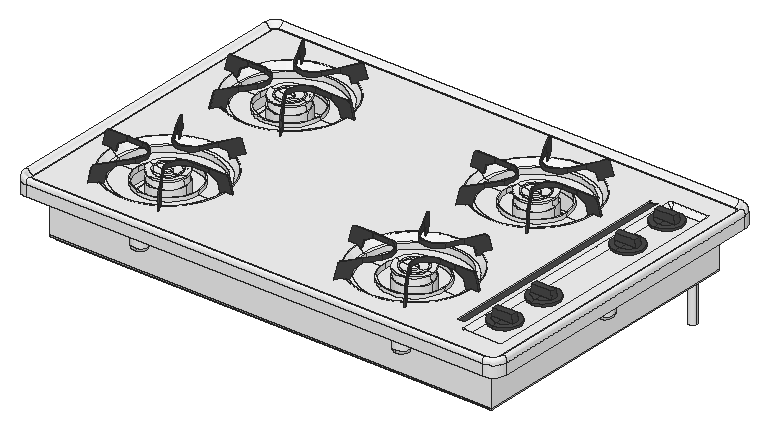
Revit family "QF_Summit_WNL053_Cooktop", category Specialty Equipment, Revit 2020
Family settings
  Round Connector Dimension = Use Diameter
  Part Type = Normal
  Work Plane-Based = No
  Always vertical = Yes
  Cut with Voids When Loaded = No
  Shared = No
  Room Calculation Point = No
Parameters
  Weight in Pounds = 32
  Watts = 0 W
  Volts = 115 V
  URL Cutsheet = ""
  Specification by User = ""
  Specification by Manufacturer = ""
  Serial Number = ""
  Seismic Rating = ""
  SMACNA No = ""
  Revision Code = ""
  Plumbing Remarks = ""
  Plumbing Connection Type = ""
  Phase = 1
  Number of Poles = 1
  NAFEM Spec ID Number = ""
  Model = "WNL053"
  Min Ckt Ampacity = 0 A
  Max Overcurrent Protection = 0 A
  Masterspec = ""
  Manufacturer = "Summit"
  Length = 29 3/4"
  Item Number = ""
  Installed By = ""
  Identify Quantity as Lot = yes
  Height = 3 3/4"
  HP = ""
  Gas Size = 0"
  Gas RI Height = 0"
  Gas KW = 0
  Gas Input = 9000.0 Btu/h
  Gas Connection Height = 0"
  Furnished By = ""
  Foodservice Equipment Identifier = yes
  FL Amps = 0 A
  Electrical Remarks = ""
  Elec Conn RI Height = 0"
  Elec Conn Connection Height = 0"
  Description = "Cooktop"
  Depth = 20"
  Default Elevation = 0"
  Cycle = 60 Hz
  Conn Plug = "3 Prong Cord"
  Conn Conduit = yes
  CSI MasterFormat = ""
  Apparent Power = 0 VA
Reference planes (in)
  plane 1 "BACK": y = 0
  plane 2: z = 0
  plane 3 "LEFT": x = 0
  plane 4 "RIGHT": x = 29.75
  plane 5 "FRONT": y = -20
  plane 6 "TOP": z = 3.75
  plane 7 "Center Y": x = 14.875
  plane 8 "Center X": y = -10
  plane 9: z = 2.75
  plane 10: z = 0.25
  plane 11: z = -2.75
Forms (in)
  Sweep 1, solid, material "QF_Plastic_White_Smooth"
    path origin (0, 0, 3.74988) x (-1, 0, 0) y (0, -1, 0)
      loop
        line (-0.0625, 0.8125) -> (-0.0625, 19.1875)
        arc (-0.0625, 19.1875) -> (-0.28217, 19.71783) -> (-0.8125, 19.9375) r 0.75
        line (-0.8125, 19.9375) -> (-28.9375, 19.9375)
        arc (-28.9375, 19.9375) -> (-29.46783, 19.71783) -> (-29.6875, 19.1875) r 0.75
        line (-29.6875, 19.1875) -> (-29.6875, 0.8125)
        arc (-29.6875, 0.8125) -> (-29.46783, 0.28217) -> (-28.9375, 0.0625) r 0.75
        line (-28.9375, 0.0625) -> (-0.8125, 0.0625)
        arc (-0.8125, 0.0625) -> (-0.28217, 0.28217) -> (-0.0625, 0.8125) r 0.75
    profile origin (0.0625, -10, 3.74988) x (1, 0, 0) y (0, 0, 1)
      loop
        line (0.50007, -0.99988) -> (0.50007, -0.24988)
        spline (0.50007, -0.24988) -> (0.38683, -0.22526) -> (0.30986, -0.16677) -> (0.25459, -0.09746) -> (0.20654, -0.0403) -> (0.15715, -0.00897) -> (0.1083, -0.00102) -> (0.06291, -0.01235) -> (0.02367, -0.03905) -> (-0.00886, -0.07917) -> (-0.03532, -0.13183) -> (-0.05489, -0.20201) -> (-0.06266, -0.31115)
        line (-0.06266, -0.31115) -> (-0.06266, -0.99988) -> (0.50007, -0.99988)
  Extrusion 2, solid, material "QF_Plastic_White_Smooth"
    sketch origin (23.1875, -0.5625, 3.49988) x (0, 1, 0) y (1, 0, 0)
      loop
        circle (-4.74127, -17.90956) r 3.49904
      loop
        line (-18.875, 5.75) -> (-18.875, -22.375)
        arc (-18.875, -22.375) -> (-18.80178, -22.55178) -> (-18.625, -22.625) r 0.25
        line (-18.625, -22.625) -> (-0.25, -22.625)
        arc (-0.25, -22.625) -> (-0.07322, -22.55178) -> (0, -22.375) r 0.25
        line (0, -22.375) -> (0, 5.75)
        arc (0, 5.75) -> (-0.07322, 5.92678) -> (-0.25, 6) r 0.25
        line (-0.25, 6) -> (-18.625, 6)
        arc (-18.625, 6) -> (-18.80178, 5.92678) -> (-18.875, 5.75) r 0.25
      loop
        circle (-4.74127, -2.71662) r 3.49904
      loop
        circle (-14.13373, -17.90956) r 3.49904
      loop
        circle (-14.13373, -2.71662) r 3.49904
    from 0.74988 to -0.00012
  Blend 3, void
    base sketch origin (23.18874, -0.56796, 3.54988) x (0, 1, 0) y (-1, 0, 0)
      loop
        arc (-1.25, -3) -> (-1.32322, -2.82322) -> (-1.5, -2.75) r 0.25
        line (-1.5, -2.75) -> (-17.375, -2.75)
        arc (-17.375, -2.75) -> (-17.55178, -2.82322) -> (-17.625, -3) r 0.25
        line (-17.625, -3) -> (-17.625, -5.25)
        arc (-17.625, -5.25) -> (-17.55178, -5.42678) -> (-17.375, -5.5) r 0.25
        line (-17.375, -5.5) -> (-1.5, -5.5)
        arc (-1.5, -5.5) -> (-1.32322, -5.42678) -> (-1.25, -5.25) r 0.25
        line (-1.25, -5.25) -> (-1.25, -3)
    top sketch origin (23.18874, -0.56796, 3.54988) x (0, 1, 0) y (-1, 0, 0)
      loop
        line (-1.71875, -3.21875) -> (-17.15625, -3.21875) -> (-17.15625, -5.03125) -> (-1.71875, -5.03125) -> (-1.71875, -3.21875)
    from 0.0625 to -0.31152
  Extrusion 4, void
    sketch origin (23.18874, -0.56796, 3.54988) x (0, 1, 0) y (-1, 0, 0)
      loop
        arc (-2, -2.1875) -> (-2.01831, -2.14331) -> (-2.0625, -2.125) r 0.0625
        line (-2.0625, -2.125) -> (-16.8125, -2.125)
        arc (-16.8125, -2.125) -> (-16.85669, -2.14331) -> (-16.875, -2.1875) r 0.0625
        line (-16.875, -2.1875) -> (-16.875, -2.5625)
        arc (-16.875, -2.5625) -> (-16.85669, -2.60669) -> (-16.8125, -2.625) r 0.0625
        line (-16.8125, -2.625) -> (-2.0625, -2.625)
        arc (-2.0625, -2.625) -> (-2.01831, -2.60669) -> (-2, -2.5625) r 0.0625
        line (-2, -2.5625) -> (-2, -2.1875)
    from 0.0625 to -0.125
  Revolve 5, solid, material "QF_Plastic_Black_Smooth"
    sketch origin (27.31374, -3, 0.48835) x (0, 1, 0) y (0, 0, 1)
      loop
        line (-0.75736, 3) -> (-0.50736, 3) -> (-0.50736, 3.07947) -> (0.15671, 3.07947) -> (0.15671, 3.2014)
        arc (0.15671, 3.2014) -> (0.03405, 3.23774) -> (-0.09329, 3.25) r 0.66737
        line (-0.09329, 3.25) -> (-0.75736, 3.25) -> (-0.75736, 3)
      axis (-0.75736, 3.25) -> (-0.75736, 3)
    angle from 0 to 360
  Blend 6, solid, material "QF_Plastic_Black_Smooth"
    base sketch origin (5.74846, -3, 4.23835) x (-1, 0, 0) y (0, -1, 0)
      loop
        arc (-20.9318, 0.55812) -> (-20.90121, 0.75736) -> (-20.9318, 0.95659) r 0.66406
        line (-20.9318, 0.95659) -> (-22.19875, 0.95659)
        arc (-22.19875, 0.95659) -> (-22.22934, 0.75736) -> (-22.19875, 0.55812) r 0.66406
        line (-22.19875, 0.55812) -> (-20.9318, 0.55812)
    top sketch origin (5.74846, -3, 4.23835) x (-1, 0, 0) y (0, -1, 0)
      loop
        arc (-20.98589, 0.57514) -> (-20.95791, 0.75736) -> (-20.98589, 0.93958) r 0.60736
        line (-20.98589, 0.93958) -> (-22.14466, 0.93958)
        arc (-22.14466, 0.93958) -> (-22.17264, 0.75736) -> (-22.14466, 0.57514) r 0.60736
        line (-22.14466, 0.57514) -> (-20.98589, 0.57514)
    from -0.5 to -0.05271
  Revolve 7, solid, material "QF_Plastic_Black_Smooth", not visible
    sketch origin (21.56528, -3, 0) x (0, 1, 0) y (0, 0, 1)
      loop
        line (-0.75736, 3) -> (-0.50736, 3) -> (-0.50736, 3.07947) -> (0.15671, 3.07947) -> (0.15671, 3.2014)
        arc (0.15671, 3.2014) -> (0.03405, 3.23774) -> (-0.09329, 3.25) r 0.66737
        line (-0.09329, 3.25) -> (-0.75736, 3.25) -> (-0.75736, 3)
      axis (-0.75736, 3.25) -> (-0.75736, 3)
    angle from 0 to 360
  Blend 8, solid, material "QF_Plastic_Black_Smooth", not visible
    base sketch origin (0, -3, 3.75) x (-1, 0, 0) y (0, -1, 0)
      loop
        arc (-20.9318, 0.55812) -> (-20.90121, 0.75736) -> (-20.9318, 0.95659) r 0.66406
        line (-20.9318, 0.95659) -> (-22.19875, 0.95659)
        arc (-22.19875, 0.95659) -> (-22.22934, 0.75736) -> (-22.19875, 0.55812) r 0.66406
        line (-22.19875, 0.55812) -> (-20.9318, 0.55812)
    top sketch origin (0, -3, 3.75) x (-1, 0, 0) y (0, -1, 0)
      loop
        arc (-20.98589, 0.57514) -> (-20.95791, 0.75736) -> (-20.98589, 0.93958) r 0.60736
        line (-20.98589, 0.93958) -> (-22.14466, 0.93958)
        arc (-22.14466, 0.93958) -> (-22.17264, 0.75736) -> (-22.14466, 0.57514) r 0.60736
        line (-22.14466, 0.57514) -> (-20.98589, 0.57514)
    from -0.5 to -0.05271
  Revolve 9, solid, material "QF_Plastic_Black_Smooth"
    sketch origin (27.31156, -3.00158, 0.48835) x (0, 1, 0) y (0, 0, 1)
      loop
        line (-3.75736, 3) -> (-3.50736, 3) -> (-3.50736, 3.07947) -> (-2.84329, 3.07947) -> (-2.84329, 3.2014)
        arc (-2.84329, 3.2014) -> (-2.96595, 3.23774) -> (-3.09329, 3.25) r 0.66737
        line (-3.09329, 3.25) -> (-3.75736, 3.25) -> (-3.75736, 3)
      axis (-3.75736, 3.25) -> (-3.75736, 3)
    angle from 0 to 360
  Blend 10, solid, material "QF_Plastic_Black_Smooth"
    base sketch origin (5.74628, -3.00158, 4.23835) x (-1, 0, 0) y (0, -1, 0)
      loop
        arc (-20.9318, 3.55812) -> (-20.90121, 3.75736) -> (-20.9318, 3.95659) r 0.66406
        line (-20.9318, 3.95659) -> (-22.19875, 3.95659)
        arc (-22.19875, 3.95659) -> (-22.22934, 3.75736) -> (-22.19875, 3.55812) r 0.66406
        line (-22.19875, 3.55812) -> (-20.9318, 3.55812)
    top sketch origin (5.74628, -3.00158, 4.23835) x (-1, 0, 0) y (0, -1, 0)
      loop
        arc (-20.98589, 3.57514) -> (-20.95791, 3.75736) -> (-20.98589, 3.93958) r 0.60736
        line (-20.98589, 3.93958) -> (-22.14466, 3.93958)
        arc (-22.14466, 3.93958) -> (-22.17264, 3.75736) -> (-22.14466, 3.57514) r 0.60736
        line (-22.14466, 3.57514) -> (-20.98589, 3.57514)
    from -0.5 to -0.05271
  Revolve 11, solid, material "QF_Plastic_Black_Smooth"
    sketch origin (27.31156, -6.00158, 0.48835) x (0, 1, 0) y (0, 0, 1)
      loop
        line (-10.24264, 3) -> (-10.24264, 3.25) -> (-10.90671, 3.25)
        arc (-10.90671, 3.25) -> (-11.03405, 3.23774) -> (-11.15671, 3.2014) r 0.66737
        line (-11.15671, 3.2014) -> (-11.15671, 3.07947) -> (-10.49264, 3.07947) -> (-10.49264, 3) -> (-10.24264, 3)
      axis (-10.24264, 3.25) -> (-10.24264, 3)
    angle from 0 to 360
  Blend 12, solid, material "QF_Plastic_Black_Smooth"
    base sketch origin (5.74628, -6.00158, 4.23835) x (-1, 0, 0) y (0, -1, 0)
      loop
        line (-20.9318, 10.44188) -> (-22.19875, 10.44188)
        arc (-22.19875, 10.44188) -> (-22.22934, 10.24264) -> (-22.19875, 10.04341) r 0.66406
        line (-22.19875, 10.04341) -> (-20.9318, 10.04341)
        arc (-20.9318, 10.04341) -> (-20.90121, 10.24264) -> (-20.9318, 10.44188) r 0.66406
    top sketch origin (5.74628, -6.00158, 4.23835) x (-1, 0, 0) y (0, -1, 0)
      loop
        line (-20.98589, 10.42486) -> (-22.14466, 10.42486)
        arc (-22.14466, 10.42486) -> (-22.17264, 10.24264) -> (-22.14466, 10.06042) r 0.60736
        line (-22.14466, 10.06042) -> (-20.98589, 10.06042)
        arc (-20.98589, 10.06042) -> (-20.95791, 10.24264) -> (-20.98589, 10.42486) r 0.60736
    from -0.5 to -0.05271
  Revolve 13, solid, material "QF_Plastic_Black_Smooth"
    sketch origin (27.31156, -3.00158, 0.48835) x (0, 1, 0) y (0, 0, 1)
      loop
        line (-10.24264, 3) -> (-10.24264, 3.25) -> (-10.90671, 3.25)
        arc (-10.90671, 3.25) -> (-11.03405, 3.23774) -> (-11.15671, 3.2014) r 0.66737
        line (-11.15671, 3.2014) -> (-11.15671, 3.07947) -> (-10.49264, 3.07947) -> (-10.49264, 3) -> (-10.24264, 3)
      axis (-10.24264, 3.25) -> (-10.24264, 3)
    angle from 0 to 360
  Blend 14, solid, material "QF_Plastic_Black_Smooth"
    base sketch origin (5.74628, -3.00158, 4.23835) x (-1, 0, 0) y (0, -1, 0)
      loop
        line (-20.9318, 10.44188) -> (-22.19875, 10.44188)
        arc (-22.19875, 10.44188) -> (-22.22934, 10.24264) -> (-22.19875, 10.04341) r 0.66406
        line (-22.19875, 10.04341) -> (-20.9318, 10.04341)
        arc (-20.9318, 10.04341) -> (-20.90121, 10.24264) -> (-20.9318, 10.44188) r 0.66406
    top sketch origin (5.74628, -3.00158, 4.23835) x (-1, 0, 0) y (0, -1, 0)
      loop
        line (-20.98589, 10.42486) -> (-22.14466, 10.42486)
        arc (-22.14466, 10.42486) -> (-22.17264, 10.24264) -> (-22.14466, 10.06042) r 0.60736
        line (-22.14466, 10.06042) -> (-20.98589, 10.06042)
        arc (-20.98589, 10.06042) -> (-20.95791, 10.24264) -> (-20.98589, 10.42486) r 0.60736
    from -0.5 to -0.05271
  Revolve 15, solid, material "QF_Plastic_Black_Smooth", not visible
    sketch origin (21.56528, -20.00316, 0) x (0, 1, 0) y (0, 0, 1)
      loop
        line (16.2458, 3) -> (16.4958, 3) -> (16.4958, 3.07947) -> (17.15986, 3.07947) -> (17.15986, 3.2014)
        arc (17.15986, 3.2014) -> (17.0372, 3.23774) -> (16.90986, 3.25) r 0.66737
        line (16.90986, 3.25) -> (16.2458, 3.25) -> (16.2458, 3)
      axis (16.2458, 3.25) -> (16.2458, 3)
    angle from 0 to 360
  Blend 16, solid, material "QF_Plastic_Black_Smooth", not visible
    base sketch origin (0, -20.00316, 3.75) x (-1, 0, 0) y (0, -1, 0)
      loop
        arc (-20.9318, -16.44503) -> (-20.90121, -16.2458) -> (-20.9318, -16.04657) r 0.66406
        line (-20.9318, -16.04657) -> (-22.19875, -16.04657)
        arc (-22.19875, -16.04657) -> (-22.22934, -16.2458) -> (-22.19875, -16.44503) r 0.66406
        line (-22.19875, -16.44503) -> (-20.9318, -16.44503)
    top sketch origin (0, -20.00316, 3.75) x (-1, 0, 0) y (0, -1, 0)
      loop
        arc (-20.98589, -16.42802) -> (-20.95791, -16.2458) -> (-20.98589, -16.06358) r 0.60736
        line (-20.98589, -16.06358) -> (-22.14466, -16.06358)
        arc (-22.14466, -16.06358) -> (-22.17264, -16.2458) -> (-22.14466, -16.42802) r 0.60736
        line (-22.14466, -16.42802) -> (-20.98589, -16.42802)
    from -0.5 to -0.05271
  Extrusion 17, solid, material "QF_Plastic_White_Smooth"
    sketch origin (9.68847, 8.08075, 0) x (-1, 0, 0) y (0, 1, 0)
      loop
        circle (-17.75, -10) r 0.25
    from -0.125 to 2.75
  Sweep 18, solid, material "QF_Plastic_White_Smooth"
    path origin (0, 0, 0) x (1, 0, 0) y (0, 1, 0)
      loop
        line (28.5, -1.25) -> (1.25, -1.25) -> (1.25, -18.75) -> (28.5, -18.75) -> (28.5, -1.25)
    profile origin (28.5, -10, 0) x (1, 0, 0) y (0, 0, 1)
      loop
        line (-0.25, 0) -> (-0.25, 0.125) -> (-0.13174, 0.125)
        arc (-0.13174, 0.125) -> (-0.03859, 0.16359) -> (0, 0.25674) r 0.13174
        line (0, 0.25674) -> (0, 2.75) -> (-0.125, 2.75) -> (-0.125, 0.25) -> (-0.375, 0.25) -> (-0.375, 0) -> (-0.25, 0)
  Extrusion 19, solid, material "QF_Plastic_White_Smooth"
    sketch origin (28.125, -1.625, 0.25) x (0, -1, 0) y (1, 0, 0)
      loop
        line (0, -26.5) -> (16.75, -26.5) -> (16.75, 0) -> (0, 0) -> (0, -26.5)
    from 0 to -0.125
  Extrusion 20, solid, material "QF_Plastic_White_Smooth"
    sketch origin (28.125, -1.625, 0.125) x (1, 0, 0) y (0, -1, 0)
      loop
        circle (-1.43653, 0.29425) r 0.25
    from 0 to 0.0625
  Revolve 21, solid, material "QF_Plastic_White_Smooth"
    sketch origin (0, -10, 0) x (1, 0, 0) y (0, 0, 1)
      loop
        line (1.25, 2.75) -> (0.75, 2.75) -> (0.75, 1.75)
        arc (0.75, 1.75) -> (0.8255, 1.58445) -> (1, 1.5329) r 0.21926
        line (1, 1.5329) -> (1.25, 1.5329) -> (1.25, 2.75)
      axis (1.25, 1.5329) -> (1.25, 2.75)
    angle from -90 to 90
  Revolve 22, solid, material "QF_Plastic_White_Smooth"
    sketch origin (24, -10, 0) x (-1, 0, 0) y (0, 0, -1)
      loop
        line (-4.5, -2.75) -> (-4.5, -1.5329) -> (-4.75, -1.5329)
        arc (-4.75, -1.5329) -> (-4.9245, -1.58445) -> (-5, -1.75) r 0.21926
        line (-5, -1.75) -> (-5, -2.75) -> (-4.5, -2.75)
      axis (-4.5, -1.5329) -> (-4.5, -2.75)
    angle from -90 to 90
  Revolve 23, solid, material "QF_Plastic_White_Smooth"
    sketch origin (21.33132, -1.25, 0) x (-1, 0, 0) y (0, 0, -1)
      loop
        line (-1.625, -2.75) -> (-1.625, -1.5329) -> (-1.875, -1.5329)
        arc (-1.875, -1.5329) -> (-2.0495, -1.58445) -> (-2.125, -1.75) r 0.21926
        line (-2.125, -1.75) -> (-2.125, -2.75) -> (-1.625, -2.75)
      axis (-1.625, -1.5329) -> (-1.625, -2.75)
    angle from 0 to 180
  Revolve 24, solid, material "QF_Plastic_White_Smooth"
    sketch origin (5.19698, -1.25, 0) x (-1, 0, 0) y (0, 0, -1)
      loop
        line (-1.625, -2.75) -> (-1.625, -1.5329) -> (-1.875, -1.5329)
        arc (-1.875, -1.5329) -> (-2.0495, -1.58445) -> (-2.125, -1.75) r 0.21926
        line (-2.125, -1.75) -> (-2.125, -2.75) -> (-1.625, -2.75)
      axis (-1.625, -1.5329) -> (-1.625, -2.75)
    angle from 0 to 180
  Revolve 25, solid, material "QF_Plastic_White_Smooth"
    sketch origin (21.33132, -18.75, 0) x (-1, 0, 0) y (0, 0, 1)
      loop
        line (-1.625, 2.75) -> (-2.125, 2.75) -> (-2.125, 1.75)
        arc (-2.125, 1.75) -> (-2.0495, 1.58445) -> (-1.875, 1.5329) r 0.21926
        line (-1.875, 1.5329) -> (-1.625, 1.5329) -> (-1.625, 2.75)
      axis (-1.625, 1.5329) -> (-1.625, 2.75)
    angle from 0 to 180
  Revolve 26, solid, material "QF_Plastic_White_Smooth"
    sketch origin (5.19698, -18.75, 0) x (-1, 0, 0) y (0, 0, 1)
      loop
        line (-1.625, 2.75) -> (-2.125, 2.75) -> (-2.125, 1.75)
        arc (-2.125, 1.75) -> (-2.0495, 1.58445) -> (-1.875, 1.5329) r 0.21926
        line (-1.875, 1.5329) -> (-1.625, 1.5329) -> (-1.625, 2.75)
      axis (-1.625, 1.5329) -> (-1.625, 2.75)
    angle from 0 to 180
Cuts and joins
  Blend 3, Extrusion 4 cuts Extrusion 2
Lines and regions (in)
  symbolic lines
    curve 1: arc (27.31374, -2.84329, 4.23835) -> (26.39968, -3.75736, 4.23835) -> (27.31374, -4.67142, 4.23835) r 0.91406
    curve 2: arc (27.31374, -4.67142, 4.23835) -> (28.2278, -3.75736, 4.23835) -> (27.31374, -2.84329, 4.23835) r 0.91406
    curve 3: line (26.68027, -3.55812, 4.23835) -> (27.94721, -3.55812, 4.23835)
    curve 4: line (27.94721, -3.95659, 4.23835) -> (26.68027, -3.95659, 4.23835)
    curve 5: arc (26.68027, -3.55812, 4.23835) -> (26.64968, -3.75736, 4.23835) -> (26.68027, -3.95659, 4.23835) r 0.66406
    curve 6: arc (27.94721, -3.95659, 4.23835) -> (27.9778, -3.75736, 4.23835) -> (27.94721, -3.55812, 4.23835) r 0.66406
    curve 13: arc (27.31156, -5.84487, 4.23835) -> (26.3975, -6.75893, 4.23835) -> (27.31156, -7.673, 4.23835) r 0.91406
    curve 14: arc (27.31156, -7.673, 4.23835) -> (28.22562, -6.75893, 4.23835) -> (27.31156, -5.84487, 4.23835) r 0.91406
    curve 15: line (26.67809, -6.5597, 4.23835) -> (27.94503, -6.5597, 4.23835)
    curve 16: line (27.94503, -6.95817, 4.23835) -> (26.67809, -6.95817, 4.23835)
    curve 17: arc (26.67809, -6.5597, 4.23835) -> (26.6475, -6.75893, 4.23835) -> (26.67809, -6.95817, 4.23835) r 0.66406
    curve 18: arc (27.94503, -6.95817, 4.23835) -> (27.97562, -6.75893, 4.23835) -> (27.94503, -6.5597, 4.23835) r 0.66406
    curve 19: arc (27.31156, -17.15828, 4.23835) -> (26.3975, -16.24422, 4.23835) -> (27.31156, -15.33016, 4.23835) r 0.91406
    curve 20: arc (27.31156, -15.33016, 4.23835) -> (28.22562, -16.24422, 4.23835) -> (27.31156, -17.15828, 4.23835) r 0.91406
    curve 21: line (26.67809, -16.44345, 4.23835) -> (27.94503, -16.44345, 4.23835)
    curve 22: line (27.94503, -16.04499, 4.23835) -> (26.67809, -16.04499, 4.23835)
    curve 23: arc (26.67809, -16.44345, 4.23835) -> (26.6475, -16.24422, 4.23835) -> (26.67809, -16.04499, 4.23835) r 0.66406
    curve 24: arc (27.94503, -16.04499, 4.23835) -> (27.97562, -16.24422, 4.23835) -> (27.94503, -16.44345, 4.23835) r 0.66406
    curve 25: arc (27.31156, -14.15828, 4.23835) -> (26.3975, -13.24422, 4.23835) -> (27.31156, -12.33016, 4.23835) r 0.91406
    curve 26: arc (27.31156, -12.33016, 4.23835) -> (28.22562, -13.24422, 4.23835) -> (27.31156, -14.15828, 4.23835) r 0.91406
    curve 27: line (26.67809, -13.44345, 4.23835) -> (27.94503, -13.44345, 4.23835)
    curve 28: line (27.94503, -13.04499, 4.23835) -> (26.67809, -13.04499, 4.23835)
    curve 29: arc (26.67809, -13.44345, 4.23835) -> (26.6475, -13.24422, 4.23835) -> (26.67809, -13.04499, 4.23835) r 0.66406
    curve 30: arc (27.94503, -13.04499, 4.23835) -> (27.97562, -13.24422, 4.23835) -> (27.94503, -13.44345, 4.23835) r 0.66406
    curve 37: line (0.5625, -0.8125, 0) -> (0.5625, -19.1875, 0)
    curve 38: line (28.9375, -0.5625, 0) -> (0.8125, -0.5625, 0)
    curve 39: arc (0.5625, -0.8125, 0) -> (0.63572, -0.63572, 0) -> (0.8125, -0.5625, 0) r 0.25
    curve 40: arc (28.9375, -0.5625, 0) -> (29.11428, -0.63572, 0) -> (29.1875, -0.8125, 0) r 0.25
    curve 41: line (29.1875, -19.1875, 0) -> (29.1875, -0.8125, 0)
    curve 42: line (28.21999, -2.28671, 0) -> (26.40749, -2.28671, 0)
    curve 43: line (26.40749, -2.28671, 0) -> (26.40749, -17.72421, 0)
    curve 44: line (26.40749, -17.72421, 0) -> (28.21999, -17.72421, 0)
    curve 45: line (28.21999, -17.72421, 0) -> (28.21999, -2.28671, 0)
    curve 46: line (26.25446, -1.9588, 0) -> (28.37302, -1.9588, 0)
    curve 47: arc (28.37302, -1.9588, 0) -> (28.49668, -2.01002, 0) -> (28.5479, -2.13368, 0) r 0.17489
    curve 48: line (28.5479, -2.13368, 0) -> (28.5479, -17.87723, 0)
    curve 49: arc (28.5479, -17.87723, 0) -> (28.49668, -18.0009, 0) -> (28.37302, -18.05212, 0) r 0.17489
    curve 50: line (28.37302, -18.05212, 0) -> (26.25446, -18.05212, 0)
    curve 51: arc (26.25446, -18.05212, 0) -> (26.1308, -18.0009, 0) -> (26.07958, -17.87723, 0) r 0.17489
    curve 52: line (26.07958, -17.87723, 0) -> (26.07958, -2.13368, 0)
    curve 53: arc (26.07958, -2.13368, 0) -> (26.1308, -2.01002, 0) -> (26.25446, -1.9588, 0) r 0.17489
    curve 54: line (25.31374, -17.38046, 0) -> (25.31374, -2.63046, 0)
    curve 55: arc (25.31374, -2.63046, 0) -> (25.33205, -2.58626, 0) -> (25.37624, -2.56796, 0) r 0.0625
    curve 56: line (25.37624, -2.56796, 0) -> (25.75124, -2.56796, 0)
    curve 57: arc (25.75124, -2.56796, 0) -> (25.79543, -2.58626, 0) -> (25.81374, -2.63046, 0) r 0.0625
    curve 58: line (25.81374, -2.63046, 0) -> (25.81374, -17.38046, 0)
    curve 59: arc (25.81374, -17.38046, 0) -> (25.79543, -17.42465, 0) -> (25.75124, -17.44296, 0) r 0.0625
    curve 60: line (25.75124, -17.44296, 0) -> (25.37624, -17.44296, 0)
    curve 61: arc (25.37624, -17.44296, 0) -> (25.33205, -17.42465, 0) -> (25.31374, -17.38046, 0) r 0.0625
    curve 62: line (0.8125, -19.4375, 0) -> (28.9375, -19.4375, 0)
    curve 63: arc (29.1875, -19.1875, 0) -> (29.11428, -19.36428, 0) -> (28.9375, -19.4375, 0) r 0.25
    curve 64: arc (0.8125, -19.4375, 0) -> (0.63572, -19.36428, 0) -> (0.5625, -19.1875, 0) r 0.25
    curve 65: line (-0.00016, -19.1875, 0) -> (-0.00016, -0.8125, 0)
    curve 66: arc (-0.00016, -0.8125, 0) -> (0.23786, -0.23786, 0) -> (0.8125, 0.00016, 0) r 0.81266
    curve 67: line (0.8125, 0.00016, 0) -> (28.9375, 0.00016, 0)
    curve 68: arc (28.9375, 0.00016, 0) -> (29.51214, -0.23786, 0) -> (29.75016, -0.8125, 0) r 0.81266
    curve 69: line (29.75016, -0.8125, 0) -> (29.75016, -19.1875, 0)
    curve 70: arc (29.75016, -19.1875, 0) -> (29.51214, -19.76214, 0) -> (28.9375, -20.00016, 0) r 0.81266
    curve 71: line (28.9375, -20.00016, 0) -> (0.8125, -20.00016, 0)
    curve 72: arc (0.8125, -20.00016, 0) -> (0.23786, -19.76214, 0) -> (-0.00016, -19.1875, 0) r 0.81266
  symbolic lines, not visible
    curve 7: arc (21.56528, -2.84329, 3.75) -> (20.65121, -3.75736, 3.75) -> (21.56528, -4.67142, 3.75) r 0.91406
    curve 8: arc (21.56528, -4.67142, 3.75) -> (22.47934, -3.75736, 3.75) -> (21.56528, -2.84329, 3.75) r 0.91406
    curve 9: line (20.9318, -3.55812, 3.75) -> (22.19875, -3.55812, 3.75)
    curve 10: line (22.19875, -3.95659, 3.75) -> (20.9318, -3.95659, 3.75)
    curve 11: arc (20.9318, -3.55812, 3.75) -> (20.90121, -3.75736, 3.75) -> (20.9318, -3.95659, 3.75) r 0.66406
    curve 12: arc (22.19875, -3.95659, 3.75) -> (22.22934, -3.75736, 3.75) -> (22.19875, -3.55812, 3.75) r 0.66406
    curve 31: arc (21.56528, -2.84329, 3.75) -> (20.65121, -3.75736, 3.75) -> (21.56528, -4.67142, 3.75) r 0.91406
    curve 32: arc (21.56528, -4.67142, 3.75) -> (22.47934, -3.75736, 3.75) -> (21.56528, -2.84329, 3.75) r 0.91406
    curve 33: line (20.9318, -3.55812, 3.75) -> (22.19875, -3.55812, 3.75)
    curve 34: line (22.19875, -3.95659, 3.75) -> (20.9318, -3.95659, 3.75)
    curve 35: arc (20.9318, -3.55812, 3.75) -> (20.90121, -3.75736, 3.75) -> (20.9318, -3.95659, 3.75) r 0.66406
    curve 36: arc (22.19875, -3.95659, 3.75) -> (22.22934, -3.75736, 3.75) -> (22.19875, -3.55812, 3.75) r 0.66406
Dimensions and locks (in)
  equal spacing: plane 3 "LEFT", plane 7 "Center Y", plane 4 "RIGHT"
  "Length": plane 3 "LEFT" to plane 4 "RIGHT"
  equal spacing: plane 5 "FRONT", plane 8 "Center X", plane 1 "BACK"
  "Depth": plane 5 "FRONT" to plane 1 "BACK"
  "Height": plane 6 "TOP" to level
  plane 9 to plane 10 = 2 1/2"
  plane 10 to plane 11 = 3"
  plane 6 "TOP" to plane 9 = 1"
  aligned and locked: level to plane 2
Automatic sketch dimensions
  Blend 6 sketch curve to Blend 6 sketch curve = 0.63347"  (x2)
  Blend 6 sketch curve to Blend 6 sketch curve = 51/256"
  Blend 6 sketch curve to Blend 6 sketch curve = 0"  (x10)
  Blend 6 sketch curve to Blend 6 sketch curve = 0.57938"  (x2)
  Blend 6 sketch curve to Blend 6 sketch curve = 0.18222"
  curve 4 to curve 1 = 0.63347"
  curve 3 to curve 1 = 51/256"
  curve 2 to curve 5 = 183/256"
  curve 3 to curve 4 = 0"
  curve 2 to curve 3 = 0.63347"
  curve 2 to curve 5 = 0"  (x4)
  curve 2 to curve 6 = 0"  (x3)
  curve 5 to curve 6 = 0"  (x3)
  curve 1 to curve 2 = 0"  (x2)
  curve 1 to curve 5 = 0"  (x2)
  curve 1 to curve 6 = 0"  (x2)
  Blend 8 sketch curve to Blend 8 sketch curve = 0.63347"  (x2)
  Blend 8 sketch curve to Blend 8 sketch curve = 51/256"
  Blend 8 sketch curve to Blend 8 sketch curve = 0"  (x10)
  Blend 8 sketch curve to Blend 8 sketch curve = 0.57938"  (x2)
  Blend 8 sketch curve to Blend 8 sketch curve = 0.18222"
  curve 10 to curve 7 = 0.63347"
  curve 9 to curve 7 = 51/256"
  curve 8 to curve 11 = 183/256"
  curve 9 to curve 10 = 0"
  curve 8 to curve 9 = 0.63347"
  curve 8 to curve 11 = 0"  (x4)
  curve 8 to curve 12 = 0"  (x3)
  curve 11 to curve 12 = 0"  (x3)
  curve 7 to curve 8 = 0"  (x2)
  curve 7 to curve 11 = 0"  (x2)
  curve 7 to curve 12 = 0"  (x2)
  Revolve 9 sketch curve to Revolve 9 sketch curve = 1/4"  (x2)
  Revolve 9 sketch curve to Revolve 9 sketch curve = 53/128"
  Revolve 9 sketch curve to Revolve 9 sketch curve = 85/128"
  Revolve 9 sketch curve to Revolve 9 sketch curve = 0"
  Revolve 9 sketch curve to Revolve 9 sketch curve = 0.12193"
  Blend 10 sketch curve to Blend 10 sketch curve = 0.63347"  (x2)
  Blend 10 sketch curve to Blend 10 sketch curve = 51/256"
  Blend 10 sketch curve to Blend 10 sketch curve = 0"  (x10)
  Blend 10 sketch curve to Blend 10 sketch curve = 0.57938"  (x2)
  Blend 10 sketch curve to Blend 10 sketch curve = 0.18222"
  Revolve 9 sketch curve to Revolve 9 sketch curve = 0.41737"
  Revolve 9 sketch curve to Revolve 9 sketch curve = 0.07947"
  Revolve 9 sketch curve to Revolve 9 sketch curve = 0.30818"
  Revolve 11 sketch curve to Revolve 11 sketch curve = 1/4"  (x2)
  Revolve 11 sketch curve to Revolve 11 sketch curve = 53/128"
  Revolve 11 sketch curve to Revolve 11 sketch curve = 85/128"
  Revolve 11 sketch curve to Revolve 11 sketch curve = 0"
  Revolve 11 sketch curve to Revolve 11 sketch curve = 0.12193"
  Blend 12 sketch curve to Blend 12 sketch curve = 0.63347"  (x2)
  Blend 12 sketch curve to Blend 12 sketch curve = 51/256"
  Blend 12 sketch curve to Blend 12 sketch curve = 0"  (x10)
  Blend 12 sketch curve to Blend 12 sketch curve = 0.57938"  (x2)
  Blend 12 sketch curve to Blend 12 sketch curve = 0.18222"
  Revolve 11 sketch curve to Revolve 11 sketch curve = 0.41737"
  Revolve 11 sketch curve to Revolve 11 sketch curve = 0.07947"
  Revolve 11 sketch curve to Revolve 11 sketch curve = 0.30818"
  Revolve 13 sketch curve to Revolve 13 sketch curve = 1/4"  (x2)
  Revolve 13 sketch curve to Revolve 13 sketch curve = 53/128"
  Revolve 13 sketch curve to Revolve 13 sketch curve = 85/128"
  Revolve 13 sketch curve to Revolve 13 sketch curve = 0"
  Revolve 13 sketch curve to Revolve 13 sketch curve = 0.12193"
  Blend 14 sketch curve to Blend 14 sketch curve = 0.63347"  (x2)
  Blend 14 sketch curve to Blend 14 sketch curve = 51/256"
  Blend 14 sketch curve to Blend 14 sketch curve = 0"  (x10)
  Blend 14 sketch curve to Blend 14 sketch curve = 0.57938"  (x2)
  Blend 14 sketch curve to Blend 14 sketch curve = 0.18222"
  Revolve 13 sketch curve to Revolve 13 sketch curve = 0.41737"
  Revolve 13 sketch curve to Revolve 13 sketch curve = 0.07947"
  Revolve 13 sketch curve to Revolve 13 sketch curve = 0.30818"
  curve 16 to curve 13 = 0.63347"
  curve 15 to curve 13 = 51/256"
  curve 14 to curve 17 = 183/256"
  curve 15 to curve 16 = 0"
  curve 14 to curve 15 = 0.63347"
  curve 14 to curve 17 = 0"  (x4)
  curve 14 to curve 18 = 0"  (x3)
  curve 17 to curve 18 = 0"  (x3)
  curve 13 to curve 14 = 0"  (x2)
  curve 13 to curve 17 = 0"  (x2)
  curve 13 to curve 18 = 0"  (x2)
  curve 22 to curve 19 = 0.63347"
  curve 19 to curve 21 = 51/256"
  curve 23 to curve 20 = 183/256"
  curve 21 to curve 22 = 0"
  curve 20 to curve 21 = 0.63347"
  curve 20 to curve 23 = 0"  (x4)
  curve 20 to curve 24 = 0"  (x3)
  curve 23 to curve 24 = 0"  (x3)
  curve 19 to curve 20 = 0"  (x2)
  curve 19 to curve 23 = 0"  (x2)
  curve 19 to curve 24 = 0"  (x2)
  curve 28 to curve 25 = 0.63347"
  curve 25 to curve 27 = 51/256"
  curve 29 to curve 26 = 183/256"
  curve 27 to curve 28 = 0"
  curve 26 to curve 27 = 0.63347"
  curve 26 to curve 29 = 0"  (x4)
  curve 26 to curve 30 = 0"  (x3)
  curve 29 to curve 30 = 0"  (x3)
  curve 25 to curve 26 = 0"  (x2)
  curve 25 to curve 29 = 0"  (x2)
  curve 25 to curve 30 = 0"  (x2)
  Revolve 15 sketch curve to Revolve 15 sketch curve = 1/4"  (x2)
  Revolve 15 sketch curve to Revolve 15 sketch curve = 53/128"
  Revolve 15 sketch curve to Revolve 15 sketch curve = 85/128"
  Revolve 15 sketch curve to Revolve 15 sketch curve = 0"
  Revolve 15 sketch curve to Revolve 15 sketch curve = 0.12193"
  Blend 16 sketch curve to Blend 16 sketch curve = 0.63347"  (x2)
  Blend 16 sketch curve to Blend 16 sketch curve = 51/256"
  Blend 16 sketch curve to Blend 16 sketch curve = 0"  (x10)
  Blend 16 sketch curve to Blend 16 sketch curve = 0.57938"  (x2)
  Blend 16 sketch curve to Blend 16 sketch curve = 0.18222"
  Revolve 15 sketch curve to Revolve 15 sketch curve = 0.41737"
  Revolve 15 sketch curve to Revolve 15 sketch curve = 0.07947"
  Revolve 15 sketch curve to Revolve 15 sketch curve = 0.30818"
  curve 34 to curve 31 = 0.63347"
  curve 33 to curve 31 = 51/256"
  curve 32 to curve 35 = 183/256"
  curve 33 to curve 34 = 0"
  curve 32 to curve 33 = 0.63347"
  curve 32 to curve 35 = 0"  (x4)
  curve 32 to curve 36 = 0"  (x3)
  curve 35 to curve 36 = 0"  (x3)
  curve 31 to curve 32 = 0"  (x2)
  curve 31 to curve 35 = 0"  (x2)
  curve 31 to curve 36 = 0"  (x2)
  Revolve 5 sketch curve to Revolve 5 sketch curve = 1/4"  (x2)
  Revolve 5 sketch curve to Revolve 5 sketch curve = 53/128"
  Revolve 5 sketch curve to Revolve 5 sketch curve = 0.41737"
  Revolve 5 sketch curve to Revolve 5 sketch curve = 0.07947"
  Revolve 5 sketch curve to Revolve 5 sketch curve = 0.12193"
  Revolve 5 sketch curve to Revolve 5 sketch curve = 0"  (x2)
  Revolve 5 sketch curve to Revolve 5 sketch curve = 0.30818"
  Revolve 7 sketch curve to Revolve 7 sketch curve = 1/4"  (x2)
  Revolve 7 sketch curve to Revolve 7 sketch curve = 53/128"
  Revolve 7 sketch curve to Revolve 7 sketch curve = 0.41737"
  Revolve 7 sketch curve to Revolve 7 sketch curve = 0.07947"
  Revolve 7 sketch curve to Revolve 7 sketch curve = 0.12193"
  Revolve 7 sketch curve to Revolve 7 sketch curve = 0"  (x2)
  Revolve 7 sketch curve to Revolve 7 sketch curve = 0.30818"
  plane 4 "RIGHT" to Sweep 1 sketch curve = 1/16"
  Sweep 1 sketch curve to Sweep 1 sketch curve = 3/4"
  Sweep 1 sketch curve to plane 5 "FRONT" = 1/16"
  plane 4 "RIGHT" to Sweep 1 sketch curve = 13/16"
  plane 3 "LEFT" to Sweep 1 sketch curve = 13/16"  (x2)
  plane 3 "LEFT" to Sweep 1 sketch curve = 1/16"
  plane 1 "BACK" to Sweep 1 sketch curve = 13/16"
  profile plane to Sweep 1 sketch curve = 0.06266"
  Sweep 1 sketch curve to profile plane = 0.50007"
  Sweep 1 sketch curve to profile plane = 0.99988"
  Sweep 1 sketch curve to profile plane = 0.31115"
  Sweep 1 sketch curve to profile plane = 0.24988"
  Extrusion 2 sketch curve to plane 5 "FRONT" = 9/16"
  Extrusion 2 sketch curve to Extrusion 2 sketch curve = 1/4"  (x3)
  Extrusion 2 sketch curve to plane 8 "Center X" = 4.69623"  (x2)
  plane 7 "Center Y" to Extrusion 2 sketch curve = 5.59588"  (x2)
  plane 8 "Center X" to Extrusion 2 sketch curve = 4.69623"  (x2)
  plane 1 "BACK" to Extrusion 2 sketch curve = 13/16"  (x2)
  plane 4 "RIGHT" to Extrusion 2 sketch curve = 13/16"
  plane 3 "LEFT" to Extrusion 2 sketch curve = 5.27794"  (x2)
  plane 3 "LEFT" to Extrusion 2 sketch curve = 13/16"
  Blend 3 sketch curve to plane 5 "FRONT" = 1.80704"
  Blend 3 sketch curve to Blend 3 sketch curve = 1/4"  (x3)
  plane 4 "RIGHT" to Blend 3 sketch curve = 1.31126"
  plane 1 "BACK" to Blend 3 sketch curve = 2.06796"  (x2)
  Blend 3 sketch curve to Blend 3 sketch curve = 2 1/4"
  Blend 3 sketch curve to plane 5 "FRONT" = 2.27579"
  plane 1 "BACK" to Blend 3 sketch curve = 2.28671"
  plane 4 "RIGHT" to Blend 3 sketch curve = 1.53001"
  Blend 3 sketch curve to Blend 3 sketch curve = 1 13/16"
  Extrusion 4 sketch curve to plane 5 "FRONT" = 2.55704"
  Extrusion 4 sketch curve to Extrusion 4 sketch curve = 1/16"  (x3)
  plane 1 "BACK" to Extrusion 4 sketch curve = 2.63046"
  Extrusion 4 sketch curve to Extrusion 4 sketch curve = 0"
  plane 4 "RIGHT" to Extrusion 4 sketch curve = 3.93626"
  Extrusion 4 sketch curve to Extrusion 4 sketch curve = 3/8"
  plane 4 "RIGHT" to Extrusion 17 sketch curve = 2.31153"
  plane 1 "BACK" to Extrusion 17 sketch curve = 1.91925"
  plane 3 "LEFT" to Sweep 18 sketch curve = 1 1/4"
  plane 4 "RIGHT" to Sweep 18 sketch curve = 1 1/4"
  Sweep 18 sketch curve to plane 5 "FRONT" = 1 1/4"
  plane 1 "BACK" to Sweep 18 sketch curve = 1 1/4"
  Sweep 18 sketch curve to level = 0"
  profile plane to Sweep 18 sketch curve = 0"
  profile plane to Sweep 18 sketch curve = 1/8"
  Sweep 18 sketch curve to Sweep 18 sketch curve = 0.00674"
  profile plane to Sweep 18 sketch curve = 1/4"
  Sweep 18 sketch curve to Sweep 18 sketch curve = 1/8"  (x2)
  level to Sweep 18 sketch curve = 1/8"
  Sweep 18 sketch curve to Sweep 18 sketch curve = 2.49326"
  Extrusion 19 sketch curve to Sweep 18 = 0"  (x4)
  Extrusion 20 sketch curve to Extrusion 20 sketch curve = 0"  (x2)
  Extrusion 19 to Extrusion 20 sketch curve = 0.29425"
  Extrusion 19 to Extrusion 20 sketch curve = 1.43653"
  Extrusion 20 sketch curve to Extrusion 20 sketch curve = 1/4"
  Revolve 21 sketch curve to plane 9 = 0"  (x2)
  plane 3 "LEFT" to Revolve 21 sketch curve = 3/4"
  Revolve 21 sketch curve to Revolve 21 sketch curve = 0.21926"
  Revolve 21 sketch curve to Revolve 21 sketch curve = 0.03074"
  Revolve 21 sketch curve to Revolve 21 sketch curve = 1/4"
  Revolve 21 sketch curve to plane 9 = 1"
  Revolve 21 sketch curve to Revolve 21 sketch curve = 0"
  plane 9 to Revolve 21 sketch curve = 0.41303"
  Revolve 22 sketch curve to plane 9 = 0"  (x2)
  plane 4 "RIGHT" to Revolve 22 sketch curve = 3/4"
  Revolve 22 sketch curve to Revolve 22 sketch curve = 0.21926"
  Revolve 22 sketch curve to Revolve 22 sketch curve = 0.03074"
  Revolve 22 sketch curve to Revolve 22 sketch curve = 1/4"
  Revolve 22 sketch curve to plane 9 = 1"
  Revolve 22 sketch curve to Revolve 22 sketch curve = 0"
  Revolve 22 sketch curve to Revolve 22 sketch curve = 0.41303"
  Revolve 23 sketch curve to plane 9 = 0"  (x2)
  Revolve 23 sketch curve to plane 9 = 1"
  plane 7 "Center Y" to Revolve 23 sketch curve = 8.58132"
  Revolve 23 sketch curve to Revolve 23 sketch curve = 0.21926"
  Revolve 23 sketch curve to Revolve 23 sketch curve = 0.03074"
  Revolve 23 sketch curve to Revolve 23 sketch curve = 1/4"
  Revolve 23 sketch curve to Revolve 23 sketch curve = 0"
  Revolve 23 sketch curve to Revolve 23 sketch curve = 0.41303"
  Revolve 24 sketch curve to plane 9 = 0"  (x2)
  Revolve 24 sketch curve to plane 9 = 1"
  Revolve 24 sketch curve to plane 7 "Center Y" = 7.55302"
  Revolve 24 sketch curve to Revolve 24 sketch curve = 0.21926"
  Revolve 24 sketch curve to Revolve 24 sketch curve = 0.03074"
  Revolve 24 sketch curve to Revolve 24 sketch curve = 1/4"
  Revolve 24 sketch curve to Revolve 24 sketch curve = 0"
  Revolve 24 sketch curve to Revolve 24 sketch curve = 0.41303"
  Revolve 25 sketch curve to plane 9 = 0"  (x2)
  Revolve 25 sketch curve to plane 9 = 1"
  plane 7 "Center Y" to Revolve 25 sketch curve = 8.58132"
  Revolve 25 sketch curve to Revolve 25 sketch curve = 0.21926"
  Revolve 25 sketch curve to Revolve 25 sketch curve = 0.03074"
  Revolve 25 sketch curve to Revolve 25 sketch curve = 1/4"
  Revolve 25 sketch curve to Revolve 25 sketch curve = 0"
  plane 9 to Revolve 25 sketch curve = 0.41303"
  Revolve 26 sketch curve to plane 9 = 0"  (x2)
  Revolve 26 sketch curve to plane 9 = 1"
  Revolve 26 sketch curve to plane 7 "Center Y" = 7.55302"
  Revolve 26 sketch curve to Revolve 26 sketch curve = 0.21926"
  Revolve 26 sketch curve to Revolve 26 sketch curve = 0.03074"
  Revolve 26 sketch curve to Revolve 26 sketch curve = 1/4"
  Revolve 26 sketch curve to Revolve 26 sketch curve = 0"
  plane 9 to Revolve 26 sketch curve = 0.41303"
  curve 39 to curve 66 = 0"  (x2)
  curve 40 to curve 68 = 0"  (x2)
  curve 63 to curve 70 = 0"  (x2)
  curve 64 to curve 72 = 0"
  curve 65 to plane 3 "LEFT" = 0.00016"
  plane 3 "LEFT" to curve 37 = 9/16"
  curve 37 to curve 64 = 1/4"
  curve 37 to curve 39 = 1/4"
  plane 1 "BACK" to curve 54 = 2.63046"
  plane 4 "RIGHT" to curve 54 = 4.43626"
  curve 54 to curve 61 = 1/16"
  curve 54 to curve 55 = 1/16"
  curve 55 to curve 56 = 3/8"
  curve 60 to curve 60 = 3/8"
  curve 57 to curve 58 = 1/16"
  curve 60 to curve 52 = 0.32834"
  curve 52 to curve 51 = 0.17489"
  curve 53 to curve 53 = 0.17489"
  curve 51 to curve 44 = 0.15303"
  plane 4 "RIGHT" to curve 45 = 1.53001"
  curve 42 to curve 47 = 0.15303"
  curve 44 to curve 50 = 0.15303"
  curve 49 to curve 48 = 0.17489"
  plane 5 "FRONT" to curve 71 = 0.00016"
  plane 4 "RIGHT" to curve 71 = 13/16"
  plane 4 "RIGHT" to curve 38 = 13/16"
  curve 40 to curve 41 = 1/4"
  curve 50 to plane 5 "FRONT" = 1.94788"
  curve 49 to curve 44 = 0.15303"
  curve 51 to curve 60 = 0.43428"
  curve 57 to curve 42 = 11/32"
  curve 42 to curve 48 = 0.15303"
  plane 1 "BACK" to curve 40 = 13/16"
  radius of Extrusion 2 sketch curve = 3.49904"  (x4)
  radius of Extrusion 17 sketch curve = 1/4"
Nested families (in)
  nested 1: "Summit_Burner" at (1.53739, -1.55546, 0.24051), type "Summit_Burner"
  nested 2: "Summit_Burner" at (16.73034, -1.55546, 0.24051), type "Summit_Burner"
  nested 3: "Summit_Burner" at (1.53739, -10.94792, 0.24051), type "Summit_Burner"
  nested 4: "Summit_Burner" at (16.73034, -10.94792, 0.24051), type "Summit_Burner"
Connectors (in)
  piping at (27.43847, -1.91925, -2.75), diameter 0.5
    settings: on Extrusion 17, index 1, connector inside diameter 24", connector length 0", flow factor 0, pipe flow 0 GPM, pressure drop 0.00 psi, fitting loss kfactor 0, connector angle 0.00°, fixture units 0, engagement length 0", angle of deflection 0.00°, flow configuration 1, flow direction 1, fitting loss method 0, system type 7, joint type 0, gender type 0, connector reference index -1, connector utility 0, adjustable connector no, is connector primary yes, connector description "Gas Connection"
  electrical at (26.68847, -1.91925, 0.0625), driven by "Volts"
    settings: on Extrusion 20, index 2, voltage 115 V, apparent load 0 VA, apparent load phase1 0 VA, apparent load phase2 0 VA, apparent load phase3 0 VA, power factor 1, load classification "Other", number of poles 1, system type 30, power factor state 1, is connector primary yes, connector utility no, sub classification motor no, connector description "Electrical Connection"
Definition of nested family "Summit_Burner"
  Parameters (values of type "Summit_Burner")
    Model = ""
    Manufacturer = "Summit"
    Length = 7 1/2"
    Height = 3 3/4"
    Description = "Cooktop"
    Depth = 7 1/2"
    Default Elevation = 0"
  Reference planes (in)
    plane 1 "BACK": y = 0
    plane 2: z = 0
    plane 3 "LEFT": x = 0
    plane 4 "RIGHT": x = 7.5
    plane 5 "FRONT": y = -7.5
    plane 6 "TOP": z = 3.75
    plane 7 "Center Y": x = 3.75
    plane 8 "Center X": y = -3.75
  Forms (in)
    Revolve 1, solid
      sketch origin (-1.00614, -3.75, 0) x (1, 0, 0) y (0, 0, 1)
        loop
          spline (4.75614, 3.2974) -> (4.72569, 3.2971) -> (4.69575, 3.29619) -> (4.66685, 3.2947) -> (4.63948, 3.29264) -> (4.6141, 3.29006) -> (4.59115, 3.28699) -> (4.57103, 3.28349) -> (4.55407, 3.27963) -> (4.54057, 3.27546) -> (4.53076, 3.27106) -> (4.52481, 3.2665) -> (4.52281, 3.26186)
          line (4.52281, 3.26186) -> (4.52281, 3.21696)
          arc (4.52281, 3.21696) -> (4.26371, 3.23312) -> (4.00936, 3.28508) r 1.86649
          line (4.00936, 3.28508) -> (4.00936, 3.32514)
          arc (4.00936, 3.32514) -> (3.98019, 3.35431) -> (3.95103, 3.32514) r 0.02917
          line (3.95103, 3.32514) -> (3.95103, 3.28508) -> (3.61868, 3.31928) -> (3.61868, 3.24108) -> (3.76857, 3.21465) -> (3.68998, 2.76893) -> (3.61868, 2.76893) -> (3.61868, 1.8356) -> (4.75614, 1.8356) -> (4.75614, 3.2974)
        loop
          line (1.55611, 2.9044) -> (1.25614, 3.26188) -> (1.25614, 2.50443) -> (2.91868, 2.50443) -> (2.91868, 2.76893) -> (2.86035, 2.76893) -> (2.86035, 2.56277) -> (1.75201, 2.56277) -> (1.75201, 2.9044) -> (1.55611, 2.9044)
        axis (4.75614, 1.8356) -> (4.75614, 3.32514)
      angle from 0 to 360
    Extrusion 2, solid
      sketch origin (0, 0, 3.75) x (-1, 0, 0) y (0, -1, 0)
        loop
          line (-2.5179, 1.48578) -> (-2.46271, 1.51512) -> (-2.90948, 2.35538)
          arc (-2.90948, 2.35538) -> (-3.75, 2.86041) -> (-4.59052, 2.35538) r 0.95194
          line (-4.59052, 2.35538) -> (-5.03729, 1.51512) -> (-4.9821, 1.48578) -> (-4.53533, 2.32603)
          arc (-4.53533, 2.32603) -> (-3.75, 2.79791) -> (-2.96467, 2.32603) r 0.88944
          line (-2.96467, 2.32603) -> (-2.5179, 1.48578)
        loop
          line (-1.21219, 3.78125) -> (-2.16384, 3.78125)
          arc (-2.16384, 3.78125) -> (-2.94917, 4.25312) -> (-2.90122, 5.16806) r 0.88944
          line (-2.90122, 5.16806) -> (-2.35458, 5.97849) -> (-2.40639, 6.01344) -> (-2.95303, 5.20301)
          arc (-2.95303, 5.20301) -> (-3.00435, 4.22378) -> (-2.16384, 3.71875) r 0.95194
          line (-2.16384, 3.71875) -> (-1.21219, 3.71875) -> (-1.21219, 3.78125)
        loop
          line (-6.28781, 3.78125) -> (-6.28781, 3.71875) -> (-5.33616, 3.71875)
          arc (-5.33616, 3.71875) -> (-4.49565, 4.22378) -> (-4.54697, 5.20301) r 0.95194
          line (-4.54697, 5.20301) -> (-5.09361, 6.01344) -> (-5.14542, 5.97849) -> (-4.59878, 5.16806)
          arc (-4.59878, 5.16806) -> (-4.55083, 4.25312) -> (-5.33616, 3.78125) r 0.88944
          line (-5.33616, 3.78125) -> (-6.28781, 3.78125)
      from 0.25 to 0.5
    Extrusion 3, solid
      sketch origin (0, -3.71875, 0) x (-1, 0, 0) y (0, 0, 1)
        loop
          line (-0.20802, 3.31155) -> (0.24994, 3.31155) -> (0.05937, 4.07589)
          arc (0.05937, 4.07589) -> (-0.02208, 4.20131) -> (-0.16348, 4.25) r 0.22968
          line (-0.16348, 4.25) -> (-1.21219, 4.25) -> (-1.21219, 4) -> (-0.67738, 3.69123) -> (-0.55416, 3.19699) -> (-0.30416, 3.19699) -> (-0.20802, 3.31155)
      from 0 to -0.0625
    Extrusion 4, solid
      sketch origin (1.67673, -6.98344, 0) x (-0.559193, -0.829038, 0) y (0, 0, 1)
        loop
          line (-0.20802, 3.31155) -> (0.24994, 3.31155) -> (0.05937, 4.07589)
          arc (0.05937, 4.07589) -> (-0.02208, 4.20131) -> (-0.16348, 4.25) r 0.22968
          line (-0.16348, 4.25) -> (-1.21219, 4.25) -> (-1.21219, 4) -> (-0.67738, 3.69123) -> (-0.55416, 3.19699) -> (-0.30416, 3.19699) -> (-0.20802, 3.31155)
      from 0 to -0.0625
    Extrusion 5, solid
      sketch origin (7.5, -3.71875, 0) x (1, 0, 0) y (0, 0, -1)
        loop
          line (-0.20802, -3.31155) -> (-0.30416, -3.19699) -> (-0.55416, -3.19699) -> (-0.67738, -3.69123) -> (-1.21219, -4) -> (-1.21219, -4.25) -> (-0.16348, -4.25)
          arc (-0.16348, -4.25) -> (-0.02208, -4.20131) -> (0.05937, -4.07589) r 0.22968
          line (0.05937, -4.07589) -> (0.24994, -3.31155) -> (-0.20802, -3.31155)
      from 0 to -0.0625
    Extrusion 6, solid
      sketch origin (5.82327, -6.98344, 0) x (0.559193, -0.829038, 0) y (0, 0, -1)
        loop
          line (-0.20802, -3.31155) -> (-0.30416, -3.19699) -> (-0.55416, -3.19699) -> (-0.67738, -3.69123) -> (-1.21219, -4) -> (-1.21219, -4.25) -> (-0.16348, -4.25)
          arc (-0.16348, -4.25) -> (-0.02208, -4.20131) -> (0.05937, -4.07589) r 0.22968
          line (0.05937, -4.07589) -> (0.24994, -3.31155) -> (-0.20802, -3.31155)
      from 0 to -0.0625
    Extrusion 7, solid
      sketch origin (1.94881, -0.41548, 0) x (-0.469472, 0.882948, 0) y (0, 0, 1)
        loop
          line (-0.20802, 3.31155) -> (0.24994, 3.31155) -> (0.05937, 4.07589)
          arc (0.05937, 4.07589) -> (-0.02208, 4.20131) -> (-0.16348, 4.25) r 0.22968
          line (-0.16348, 4.25) -> (-1.21219, 4.25) -> (-1.21219, 4) -> (-0.67738, 3.69123) -> (-0.55416, 3.19699) -> (-0.30416, 3.19699) -> (-0.20802, 3.31155)
      from 0 to -0.0625
    Extrusion 8, solid
      sketch origin (5.55119, -0.41548, 0) x (0.469472, 0.882948, 0) y (0, 0, -1)
        loop
          line (-0.20802, -3.31155) -> (-0.30416, -3.19699) -> (-0.55416, -3.19699) -> (-0.67738, -3.69123) -> (-1.21219, -4) -> (-1.21219, -4.25) -> (-0.16348, -4.25)
          arc (-0.16348, -4.25) -> (-0.02208, -4.20131) -> (0.05937, -4.07589) r 0.22968
          line (0.05937, -4.07589) -> (0.24994, -3.31155) -> (-0.20802, -3.31155)
      from 0 to -0.0625
  Lines and regions (in)
    symbolic lines
      curve 1: line (0, -7.5, 27) -> (0, -7.5, 26)
      curve 2: circle (3.75, -3.75, 3.75) r 0.80512 normal (0, 0, 1)
      curve 3: circle (3.75, -3.75, 3.75) r 0.74678 normal (0, 0, 1)
      curve 4: circle (3.75, -3.75, 3.75) r 0.23333 normal (0, 0, 1)
      curve 5: line (-0.24994, -3.78125, 3.75) -> (2.16384, -3.78125, 3.75)
      curve 6: line (2.1681, -3.71876, 3.75) -> (-0.24994, -3.71876, 3.75)
      curve 7: line (-0.24994, -3.71876, 3.75) -> (-0.24994, -3.78125, 3.75)
      curve 8: arc (1.92099, -6.73308, 3.75) -> (3.74054, -7.24735, 3.75) -> (5.56205, -6.74006, 3.75) r 3.49978
      curve 9: arc (2.08902, -6.48396, 3.75) -> (3.74048, -6.94686, 3.75) -> (5.39374, -6.49045, 3.75) r 3.19975
      curve 10: arc (2.80998, -5.39281, 3.75) -> (3.73378, -5.63885, 3.75) -> (4.66013, -5.40255, 3.75) r 1.89484
      curve 11: arc (3.11548, -4.69456, 3.75) -> (3.75006, -4.88773, 3.75) -> (4.38451, -4.69416, 3.75) r 1.13775
      curve 12: arc (3.11358, -4.60599, 3.75) -> (3.75009, -4.81648, 3.75) -> (4.38646, -4.60552, 3.75) r 1.06645
      curve 13: arc (2.70583, -3.96546, 3.75) -> (2.82791, -4.28523, 3.75) -> (3.04503, -4.54983, 3.75) r 1.06617
      curve 14: arc (2.62075, -3.90758, 3.75) -> (2.76396, -4.32186, 3.75) -> (3.05307, -4.65132, 3.75) r 1.13848
      curve 15: arc (1.85101, -3.78125, 3.75) -> (2.10293, -4.69369, 3.75) -> (2.76463, -5.37056, 3.75) r 1.89561
      curve 16: arc (0.55022, -3.78125, 3.75) -> (0.95335, -5.30531, 3.75) -> (2.03523, -6.45195, 3.75) r 3.20005
      curve 17: arc (0.25121, -3.78125, 3.75) -> (0.69074, -5.44885, 3.75) -> (1.87327, -6.70414, 3.75) r 3.50004
      curve 18: arc (3.336, -2.76567, 3.75) -> (2.82709, -3.2137, 3.75) -> (2.69076, -3.87789, 3.75) r 1.06729
      curve 19: arc (3.25742, -2.72306, 3.75) -> (2.7652, -3.17872, 3.75) -> (2.61493, -3.83242, 3.75) r 1.13855
      curve 20: arc (4.07713, -2.73557, 3.75) -> (3.74996, -2.6841, 3.75) -> (3.42279, -2.73553, 3.75) r 1.06604
      curve 21: arc (4.16928, -2.69288, 3.75) -> (3.74997, -2.61275, 3.75) -> (3.33065, -2.69285, 3.75) r 1.13737
      curve 22: arc (2.76976, -2.09259, 3.75) -> (2.09515, -2.78438, 3.75) -> (1.84898, -3.71876, 3.75) r 1.89636
      curve 23: arc (4.66187, -2.08805, 3.75) -> (3.74999, -1.8543, 3.75) -> (2.83809, -2.08798, 3.75) r 1.8958
      curve 24: arc (2.17107, -0.96662, 3.75) -> (0.99268, -2.126, 3.75) -> (0.55012, -3.71876, 3.75) r 3.20003
      curve 25: arc (5.27431, -0.93622, 3.75) -> (3.75001, -0.54989, 3.75) -> (2.22573, -0.93629, 3.75) r 3.20003
      curve 26: arc (5.41517, -0.67131, 3.75) -> (3.75001, -0.24988, 3.75) -> (2.08489, -0.67141, 3.75) r 3.5
      curve 27: arc (2.0302, -0.70168, 3.75) -> (0.73555, -1.9715, 3.75) -> (0.25014, -3.71876, 3.75) r 3.5
      curve 28: arc (7.25002, -3.75005, 3.75) -> (6.77237, -1.985, 3.75) -> (5.46979, -0.70171, 3.75) r 3.5
      curve 29: arc (6.95006, -3.75005, 3.75) -> (6.51523, -2.13951, 3.75) -> (5.32891, -0.96665, 3.75) r 3.20003
      curve 30: arc (5.64584, -3.75005, 3.75) -> (5.39712, -2.81134, 3.75) -> (4.71623, -2.11894, 3.75) r 1.8958
      curve 31: arc (4.88188, -3.86551, 3.75) -> (4.74248, -3.19327, 3.75) -> (4.24178, -2.72354, 3.75) r 1.13799
      curve 32: arc (4.80375, -3.91294, 3.75) -> (4.68061, -3.22921, 3.75) -> (4.16245, -2.76642, 3.75) r 1.0664
      curve 33: arc (4.45497, -4.54981, 3.75) -> (4.66215, -4.30196, 3.75) -> (4.78559, -4.00343, 3.75) r 1.06616
      curve 34: arc (4.44699, -4.64889, 3.75) -> (4.72483, -4.33609, 3.75) -> (4.87078, -3.944, 3.75) r 1.13746
      curve 35: arc (4.71999, -5.37886, 3.75) -> (5.38253, -4.71385, 3.75) -> (5.64481, -3.81251, 3.75) r 1.8958
      curve 36: arc (5.44986, -6.46121, 3.75) -> (6.5347, -5.32656, 3.75) -> (6.94939, -3.81251, 3.75) r 3.20003
      curve 37: arc (5.61765, -6.71004, 3.75) -> (6.79962, -5.46744, 3.75) -> (7.24939, -3.81251, 3.75) r 3.5
      curve 38: arc (2.16384, -3.78125, 3.75) -> (2.94917, -4.25312, 3.75) -> (2.90122, -5.16806, 3.75) r 0.88944
      curve 39: arc (2.95303, -5.20301, 3.75) -> (3.00435, -4.22378, 3.75) -> (2.16384, -3.71875, 3.75) r 0.95194
      curve 40: line (2.90122, -5.16806, 3.75) -> (1.53696, -7.19065, 3.75)
      curve 41: line (1.58878, -7.2256, 3.75) -> (2.95303, -5.20301, 3.75)
      curve 42: line (1.53696, -7.19065, 3.75) -> (1.58878, -7.2256, 3.75)
      curve 43: arc (5.33616, -3.71875, 3.75) -> (4.49565, -4.22378, 3.75) -> (4.54697, -5.20301, 3.75) r 0.95194
      curve 44: arc (4.59878, -5.16806, 3.75) -> (4.55083, -4.25312, 3.75) -> (5.33616, -3.78125, 3.75) r 0.88944
      curve 45: line (5.96304, -7.19065, 3.75) -> (4.59878, -5.16806, 3.75)
      curve 46: line (4.54697, -5.20301, 3.75) -> (5.91122, -7.2256, 3.75)
      curve 47: line (7.74994, -3.71875, 3.75) -> (5.33616, -3.71875, 3.75)
      curve 48: line (5.33616, -3.78125, 3.75) -> (7.74994, -3.78125, 3.75)
      curve 49: line (7.74994, -3.78125, 3.75) -> (7.74994, -3.71875, 3.75)
      curve 50: line (5.91122, -7.2256, 3.75) -> (5.96304, -7.19065, 3.75)
      curve 51: arc (2.90948, -2.35538, 3.75) -> (3.75, -2.86041, 3.75) -> (4.59052, -2.35538, 3.75) r 0.95194
      curve 52: arc (4.53533, -2.32603, 3.75) -> (3.75, -2.79791, 3.75) -> (2.96467, -2.32603, 3.75) r 0.88944
      curve 53: line (1.77629, -0.22414, 3.75) -> (2.90948, -2.35538, 3.75)
      curve 54: line (2.96467, -2.32603, 3.75) -> (1.83147, -0.1948, 3.75)
      curve 55: line (5.66853, -0.1948, 3.75) -> (4.53533, -2.32603, 3.75)
      curve 56: line (4.59052, -2.35538, 3.75) -> (5.72371, -0.22414, 3.75)
      curve 57: line (5.72371, -0.22414, 3.75) -> (5.66853, -0.1948, 3.75)
      curve 58: line (1.83147, -0.1948, 3.75) -> (1.77629, -0.22414, 3.75)
  Dimensions and locks (in)
    equal spacing: plane 3 "LEFT", plane 7 "Center Y", plane 4 "RIGHT"
    "Length": plane 3 "LEFT" to plane 4 "RIGHT"
    equal spacing: plane 5 "FRONT", plane 8 "Center X", plane 1 "BACK"
    "Depth": plane 5 "FRONT" to plane 1 "BACK"
    "Height": plane 6 "TOP" to level
    aligned and locked: level to plane 2
  Automatic sketch dimensions
    curve 1 to plane 5 "FRONT" = 0"
    plane 6 "TOP" to curve 1 = 22 1/4"
    curve 1 to curve 1 = 1"
    curve 2 to curve 3 = 0"  (x2)
    curve 2 to curve 4 = 0"
    curve 3 to curve 4 = 0"
    curve 3 to curve 24 = 0"
    curve 4 to curve 13 = 0"
    curve 13 to curve 24 = 0"  (x2)
    curve 13 to curve 27 = 0"  (x2)
    curve 3 to plane 7 "Center Y" = 0"
    curve 4 to plane 8 "Center X" = 0"
    plane 7 "Center Y" to curve 28 = 0"
    curve 29 to curve 28 = 0"
    plane 8 "Center X" to curve 35 = 0"
    plane 7 "Center Y" to curve 35 = 0.00004"
    curve 30 to curve 29 = 0"
    curve 25 to curve 35 = 0.00004"
    curve 26 to curve 25 = 0.00004"  (x2)
    plane 7 "Center Y" to curve 16 = 0.00012"
    plane 7 "Center Y" to curve 18 = 0.00028"
    curve 19 to curve 18 = 0.00017"
    curve 17 to plane 8 "Center X" = 0.0005"
    curve 17 to curve 16 = 0.001"
    curve 33 to plane 8 "Center X" = 0"
    curve 33 to plane 7 "Center Y" = 0"
    curve 33 to curve 34 = 0"  (x2)
    curve 34 to curve 36 = 0"
    curve 36 to curve 37 = 0.00002"
    curve 23 to plane 7 "Center Y" = 0.00008"
    curve 23 to curve 21 = 0"
    curve 21 to curve 20 = 0"
    curve 32 to plane 7 "Center Y" = 0.00009"
    curve 32 to curve 31 = 0.00011"
    curve 12 to plane 8 "Center X" = 0.00003"
    curve 23 to curve 12 = 0.00022"
    plane 8 "Center X" to curve 11 = 0"
    curve 12 to curve 11 = 0"
    plane 8 "Center X" to curve 14 = 0.00028"
    curve 11 to curve 14 = 0.00146"
    curve 14 to curve 8 = 0.00099"
